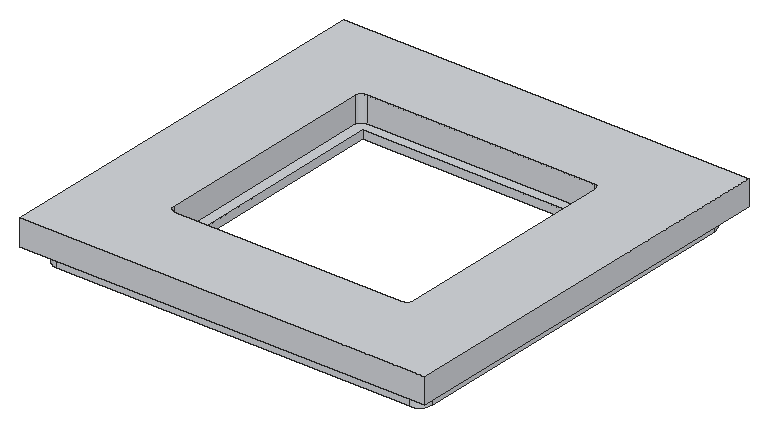
Revit family "Gira_0211122", category Electrical Fixtures, host Face, Revit 2017
Family settings
  Host = Face
  Maintain Annotation Orientation = No
  Round Connector Dimension = Use Diameter
  Part Type = Normal
  Cut with Voids When Loaded = No
  Shared = No
  Room Calculation Point = No
Parameters (values of type "Cov.fr. 1-g Gira Esprit umber gl.")
  With mounting grid = "No"
  With hinged lid = "No"
  URL = "http://katalog.gira.de/en/datenblatt.html?artikelnr=0211122"
  Type of fastening = "Clamp mounting"
  Transparent = "No"
  Surface protection = "Other"
  Suitable for wall duct = "No"
  Suitable for flush-mounted installation = "Yes"
  Suitable for floor box = "No"
  Suitable for built-in installation = "No"
  Number of units vertical = "1"
  Number of units horizontal = "1"
  Number of units = "1"
  Name = "Cov.fr. 1-g Gira Esprit umber gl."
  Mounting direction = "Horizontal and vertical"
  Material quality = "Real glass"
  Material = "Glass"
  Manufacturer URL = "https://www.gira.de/"
  Manufacturer = "Gira"
  Label space/information surface = "No"
  Keynote = ""
  HeinzeBIM = "https://bimportal.heinze.de/bim/cov-fr-1-g-gira-esprit-umber-gl-/1af249a61737557a7fbf4584bef46b949680cb7d"
  Halogen free = "No"
  HAN = "0211122"
  GTIN = "4010337076339"
  Description = "Cov.fr.1g Espr. GUm,Gira Esprit cover frame,umber glass,1-gang,"
  Degree of protection (IP) = "IP20"
  Default Elevation = 1219.2 mm
  Data sheet (1) = "https://katalog.gira.de/en/download.html?artikelnr=0211122"
  Colour = "Brown"
  Category = "Cover frame for domestic switching devices"
  BIM (1) = "https://media.stage.bim.site/public/gira/36a6b08/Espr._Rahmen_1fach.rfa"
  Available = "No"
Reference planes
  plane 1 "Center (Front/Back)": y = 0
  plane 2: z = 0
  plane 3 "Center (Left/Right)": x = 0
Forms (mm)
  Extrusion 1, solid, detail levels fine
    sketch origin (0, 0, 0) x (1, 0, 0) y (0, 1, 0)
      loop
        line (-47.5, 47.5) -> (-47.5, -47.5) -> (47.5, -47.5) -> (47.5, 47.5) -> (-47.5, 47.5)
      loop
        arc (-28.2, -26.7) -> (-27.761, -27.761) -> (-26.7, -28.2) r 1.5
        line (-26.7, -28.2) -> (26.7, -28.2)
        arc (26.7, -28.2) -> (27.761, -27.761) -> (28.2, -26.7) r 1.5
        line (28.2, -26.7) -> (28.2, 26.7)
        arc (28.2, 26.7) -> (27.761, 27.761) -> (26.7, 28.2) r 1.5
        line (26.7, 28.2) -> (-26.7, 28.2)
        arc (-26.7, 28.2) -> (-27.761, 27.761) -> (-28.2, 26.7) r 1.5
        line (-28.2, 26.7) -> (-28.2, -26.7)
    from 0 to 6
  Extrusion 2, solid, detail levels fine
    sketch origin (0, 0, 0) x (1, 0, 0) y (0, 1, 0)
      loop
        line (-25.7, -25.7) -> (25.7, -25.7) -> (25.7, 25.7) -> (-25.7, 25.7) -> (-25.7, -25.7)
      loop
        arc (-43.1, -41.3) -> (-42.573, -42.573) -> (-41.3, -43.1) r 1.8
        line (-41.3, -43.1) -> (41.3, -43.1)
        arc (41.3, -43.1) -> (42.573, -42.573) -> (43.1, -41.3) r 1.8
        line (43.1, -41.3) -> (43.1, 41.3)
        arc (43.1, 41.3) -> (42.573, 42.573) -> (41.3, 43.1) r 1.8
        line (41.3, 43.1) -> (-41.3, 43.1)
        arc (-41.3, 43.1) -> (-42.573, 42.573) -> (-43.1, 41.3) r 1.8
        line (-43.1, 41.3) -> (-43.1, -41.3)
    from -1.9 to 0
  Extrusion 3, solid, detail levels fine
    sketch origin (0, 0, 0) x (1, 0, 0) y (0, 1, 0)
      loop
        arc (-41.4, 44.4) -> (-43.521, 43.521) -> (-44.4, 41.4) r 3
        line (-44.4, 41.4) -> (-44.4, -41.4)
        arc (-44.4, -41.4) -> (-43.521, -43.521) -> (-41.4, -44.4) r 3
        line (-41.4, -44.4) -> (41.4, -44.4)
        arc (41.4, -44.4) -> (43.521, -43.521) -> (44.4, -41.4) r 3
        line (44.4, -41.4) -> (44.4, 41.4)
        arc (44.4, 41.4) -> (43.521, 43.521) -> (41.4, 44.4) r 3
        line (41.4, 44.4) -> (-41.4, 44.4)
      loop
        line (-43.1, 41.3) -> (-43.1, -41.3)
        arc (-43.1, -41.3) -> (-42.573, -42.573) -> (-41.3, -43.1) r 1.8
        line (-41.3, -43.1) -> (41.3, -43.1)
        arc (41.3, -43.1) -> (42.573, -42.573) -> (43.1, -41.3) r 1.8
        line (43.1, -41.3) -> (43.1, 41.3)
        arc (43.1, 41.3) -> (42.573, 42.573) -> (41.3, 43.1) r 1.8
        line (41.3, 43.1) -> (-41.3, 43.1)
        arc (-41.3, 43.1) -> (-42.573, 42.573) -> (-43.1, 41.3) r 1.8
    from -3.7 to 0
  Extrusion 4, solid, detail levels medium
    sketch origin (0, 0, 0) x (1, 0, 0) y (0, 1, 0)
      loop
        line (-47.5, 47.5) -> (-47.5, -47.5) -> (47.5, -47.5) -> (47.5, 47.5) -> (-47.5, 47.5)
    from 0 to 6
  Extrusion 5, solid, detail levels medium
    sketch origin (0, 0, 0) x (1, 0, 0) y (0, 1, 0)
      loop
        line (-44.4, 44.4) -> (-44.4, -44.4) -> (44.4, -44.4) -> (44.4, 44.4) -> (-44.4, 44.4)
    from -3.7 to 0
  Extrusion 6, solid, detail levels coarse
    sketch origin (0, 0, 0) x (1, 0, 0) y (0, 1, 0)
      loop
        line (-47.5, 47.5) -> (-47.5, -47.5) -> (47.5, -47.5) -> (47.5, 47.5) -> (-47.5, 47.5)
    from -3.7 to 6
Dimensions and locks
  aligned and locked: plane 2 to host face
  aligned and locked: level to host face
